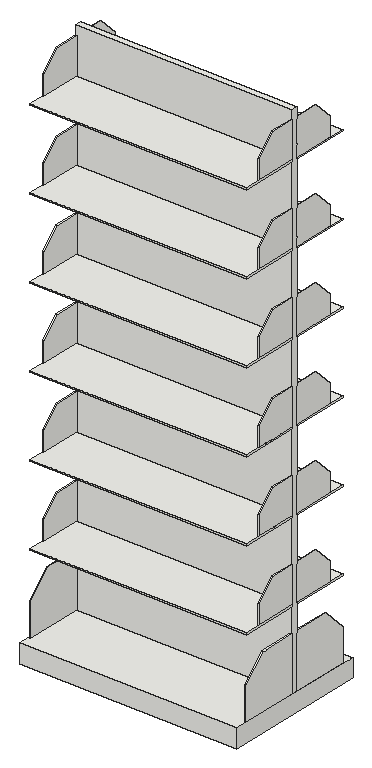
Revit family "545e3b6a9e5546dbacbb40157b7ed104", category Specialty Equipment, Revit 2021
Family settings
  Round Connector Dimension = Use Diameter
  Part Type = Normal
  OmniClass Number = 23.40.50.27.11
  OmniClass Title = Library Stack Systems
  Seek Item ID = Stack Shelving-0000-USA-ENU
  Work Plane-Based = No
  Always vertical = Yes
  Cut with Voids When Loaded = No
  Shared = No
  Room Calculation Point = No
Parameters (values of type "36" x 90"")
  Default Elevation = 0' - 0"
  Assembly Code = "E1020200"
  Height = 7' - 6"
  Shelving Material = Steel, Paint Finish, Ivory, Glossy
  Width = 3' - 0"
Reference planes (in)
  plane 1 "Center (Front/Back)": y = 0
  plane 2: z = 0
  plane 3 "Center (Left/Right)": x = 0
  plane 4: y = 12
  plane 5: y = -12
  plane 6: x = -18
  plane 7: x = 18
  plane 8: y = 0.5
  plane 9: y = -0.5
  plane 10: z = 16.25
  plane 11: z = 29.5
  plane 12: z = 42.75
  plane 13: z = 56
  plane 14: z = 69.25
  plane 15: z = 82.5
  plane 16: z = 90
Forms (in)
  Extrusion 1, solid, material "Steel, Paint Finish, Ivory, Glossy" <- "Shelving Material"
    sketch origin (0, 0, 0) x (1, 0, 0) y (0, 1, 0)
      loop
        line (-18, 12) -> (-18, -12) -> (18, -12) -> (18, 12) -> (-18, 12)
    from 0 to 3
  Extrusion 2, solid, material "Steel, Paint Finish, Ivory, Glossy" <- "Shelving Material"
    sketch origin (0, 0, 3) x (1, 0, 0) y (0, 1, 0)
      loop
        line (-18, 0.5) -> (-18, -0.5) -> (18, -0.5) -> (18, 0.5) -> (-18, 0.5)
    from 0 to 87
  Extrusion 3, solid, material "Steel, Paint Finish, Ivory, Glossy" <- "Shelving Material"
    sketch origin (-18, -0.5, 90) x (0, 0, -1) y (1, 0, 0)
      loop
        line (73.75, 0) -> (74, 0) -> (74, 36) -> (73.75, 36) -> (73.75, 0)
      loop
        line (60.5, 0) -> (60.75, 0) -> (60.75, 36) -> (60.5, 36) -> (60.5, 0)
      loop
        line (47.25, 0) -> (47.5, 0) -> (47.5, 36) -> (47.25, 36) -> (47.25, 0)
      loop
        line (34, 0) -> (34.25, 0) -> (34.25, 36) -> (34, 36) -> (34, 0)
      loop
        line (20.75, 0) -> (21, 0) -> (21, 36) -> (20.75, 36) -> (20.75, 0)
      loop
        line (7.5, 0) -> (7.75, 0) -> (7.75, 36) -> (7.5, 36) -> (7.5, 0)
    from 0 to 9.5
  Extrusion 4, solid, material "Steel, Paint Finish, Ivory, Glossy" <- "Shelving Material"
    sketch origin (18, 0.5, 90) x (0, 0, -1) y (-1, 0, 0)
      loop
        line (73.75, 0) -> (74, 0) -> (74, 36) -> (73.75, 36) -> (73.75, 0)
      loop
        line (60.5, 0) -> (60.75, 0) -> (60.75, 36) -> (60.5, 36) -> (60.5, 0)
      loop
        line (47.25, 0) -> (47.5, 0) -> (47.5, 36) -> (47.25, 36) -> (47.25, 0)
      loop
        line (34, 0) -> (34.25, 0) -> (34.25, 36) -> (34, 36) -> (34, 0)
      loop
        line (20.75, 0) -> (21, 0) -> (21, 36) -> (20.75, 36) -> (20.75, 0)
      loop
        line (7.5, 0) -> (7.75, 0) -> (7.75, 36) -> (7.5, 36) -> (7.5, 0)
    from 0 to 9.5
  Extrusion 5, solid, material "Steel, Paint Finish, Ivory, Glossy" <- "Shelving Material"
    sketch origin (18, -12, 3) x (0, 0, -1) y (0, 1, 0)
      loop
        line (0, 11.5) -> (-9, 11.5) -> (-9, 5.5) -> (-5.46447, 1.96447) -> (0, 1.96447) -> (0, 11.5)
      loop
        line (0, 12.5) -> (0, 22.03553) -> (-5.46447, 22.03553) -> (-9, 18.5) -> (-9, 12.5) -> (0, 12.5)
      loop
        line (-13.25, 11.5) -> (-19.25, 11.5) -> (-19.25, 7.5) -> (-16.42157, 4.67157) -> (-13.25, 4.67157) -> (-13.25, 11.5)
      loop
        line (-26.5, 11.5) -> (-32.5, 11.5) -> (-32.5, 7.5) -> (-29.67157, 4.67157) -> (-26.5, 4.67157) -> (-26.5, 11.5)
      loop
        line (-39.75, 11.5) -> (-45.75, 11.5) -> (-45.75, 7.5) -> (-42.92157, 4.67157) -> (-39.75, 4.67157) -> (-39.75, 11.5)
      loop
        line (-53, 11.5) -> (-59, 11.5) -> (-59, 7.5) -> (-56.17157, 4.67157) -> (-53, 4.67157) -> (-53, 11.5)
      loop
        line (-66.25, 11.5) -> (-72.25, 11.5) -> (-72.25, 7.5) -> (-69.42157, 4.67157) -> (-66.25, 4.67157) -> (-66.25, 11.5)
      loop
        line (-79.5, 11.5) -> (-85.5, 11.5) -> (-85.5, 7.5) -> (-82.67157, 4.67157) -> (-79.5, 4.67157) -> (-79.5, 11.5)
      loop
        line (-13.25, 12.5) -> (-13.25, 19.32843) -> (-16.42157, 19.32843) -> (-19.25, 16.5) -> (-19.25, 12.5) -> (-13.25, 12.5)
      loop
        line (-26.5, 12.5) -> (-26.5, 19.32843) -> (-29.67157, 19.32843) -> (-32.5, 16.5) -> (-32.5, 12.5) -> (-26.5, 12.5)
      loop
        line (-39.75, 12.5) -> (-39.75, 19.32843) -> (-42.92157, 19.32843) -> (-45.75, 16.5) -> (-45.75, 12.5) -> (-39.75, 12.5)
      loop
        line (-53, 12.5) -> (-53, 19.32843) -> (-56.17157, 19.32843) -> (-59, 16.5) -> (-59, 12.5) -> (-53, 12.5)
      loop
        line (-66.25, 12.5) -> (-66.25, 19.32843) -> (-69.42157, 19.32843) -> (-72.25, 16.5) -> (-72.25, 12.5) -> (-66.25, 12.5)
      loop
        line (-79.5, 12.5) -> (-79.5, 19.32843) -> (-82.67157, 19.32843) -> (-85.5, 16.5) -> (-85.5, 12.5) -> (-79.5, 12.5)
    from 0 to -0.25
  Extrusion 6, solid, material "Steel, Paint Finish, Ivory, Glossy" <- "Shelving Material"
    sketch origin (-18, 0.5, 90) x (0, 0, -1) y (0, -1, 0)
      loop
        line (7.5, 0) -> (1.5, 0) -> (1.5, -4) -> (4.32843, -6.82843) -> (7.5, -6.82843) -> (7.5, 0)
      loop
        line (78, 0) -> (78, -6) -> (81.53553, -9.53553) -> (87, -9.53553) -> (87, 0) -> (78, 0)
      loop
        line (20.75, 0) -> (14.75, 0) -> (14.75, -4) -> (17.57843, -6.82843) -> (20.75, -6.82843) -> (20.75, 0)
      loop
        line (34, -0.00743) -> (28, -0.00743) -> (28, -4.00743) -> (30.82843, -6.83585) -> (34, -6.83585) -> (34, -0.00743)
      loop
        line (47.25, -0.00743) -> (41.25, -0.00743) -> (41.25, -4.00743) -> (44.07843, -6.83585) -> (47.25, -6.83585) -> (47.25, -0.00743)
      loop
        line (60.5, 0) -> (54.5, 0) -> (54.5, -4) -> (57.32843, -6.82843) -> (60.5, -6.82843) -> (60.5, 0)
      loop
        line (73.75, 0) -> (67.75, 0) -> (67.75, -4) -> (70.57843, -6.82843) -> (73.75, -6.82843) -> (73.75, 0)
      loop
        line (7.5, 1) -> (7.5, 7.82843) -> (4.32843, 7.82843) -> (1.5, 5) -> (1.5, 1) -> (7.5, 1)
      loop
        line (78, 1) -> (87, 1) -> (87, 10.53553) -> (81.53553, 10.53553) -> (78, 7) -> (78, 1)
      loop
        line (20.75, 1) -> (20.75, 7.82843) -> (17.57843, 7.82843) -> (14.75, 5) -> (14.75, 1) -> (20.75, 1)
      loop
        line (34, 1.00743) -> (34, 7.83585) -> (30.82843, 7.83585) -> (28, 5.00743) -> (28, 1.00743) -> (34, 1.00743)
      loop
        line (47.25, 1.00743) -> (47.25, 7.83585) -> (44.07843, 7.83585) -> (41.25, 5.00743) -> (41.25, 1.00743) -> (47.25, 1.00743)
      loop
        line (60.5, 1) -> (60.5, 7.82843) -> (57.32843, 7.82843) -> (54.5, 5) -> (54.5, 1) -> (60.5, 1)
      loop
        line (73.75, 1) -> (73.75, 7.82843) -> (70.57843, 7.82843) -> (67.75, 5) -> (67.75, 1) -> (73.75, 1)
    from 0 to -0.25
Lines and regions (in)
  Masking region 1
    outline origin (0, 0, 0) x (1, 0, 0) y (0, 1, 0)
      loop
        line (-18, 12) -> (-18, -12) -> (18, -12) -> (18, 12) -> (-18, 12)
  symbolic lines
    curve 1: line (-18, -0.5, 0) -> (18, -0.5, 0)
    curve 2: line (-18, 0.5, 0) -> (18, 0.5, 0)
Dimensions and locks (in)
  equal spacing: plane 15, plane 14, plane 13, plane 12, plane 11, plane 10, Extrusion 1
  locked: Extrusion 1 to plane 2 at 3
  "Width": plane 6 to plane 7
  "Height": plane 16 to plane 2
  equal spacing: plane 6, plane 3 "Center (Left/Right)", plane 7
  aligned and locked: plane 6 to Extrusion 1 sketch curve
  aligned and locked: plane 4 to Extrusion 1 sketch curve
  aligned and locked: plane 5 to Extrusion 1 sketch curve
  aligned and locked: plane 7 to Extrusion 1 sketch curve
  aligned and locked: Extrusion 1 to Extrusion 2 sketch curve
  aligned and locked: plane 8 to Extrusion 2 sketch curve
  aligned and locked: plane 9 to Extrusion 2 sketch curve
  aligned and locked: Extrusion 2 sketch curve to Extrusion 1
  aligned and locked: Extrusion 2 to Extrusion 3 sketch curve  (x5)
  aligned and locked: Extrusion 3 sketch curve to Extrusion 2  (x3)
  aligned and locked: plane 14 to Extrusion 3 sketch curve
  aligned and locked: plane 15 to Extrusion 3 sketch curve
  aligned and locked: Extrusion 2 to Extrusion 4 sketch curve  (x4)
  aligned and locked: plane 10 to Extrusion 4 sketch curve
  aligned and locked: Extrusion 4 sketch curve to Extrusion 2  (x6)
  aligned and locked: plane 11 to Extrusion 4 sketch curve
  aligned and locked: plane 12 to Extrusion 4 sketch curve
  aligned and locked: plane 13 to Extrusion 4 sketch curve
  aligned and locked: Extrusion 4 sketch curve to Extrusion 3  (x4)
  aligned and locked: Extrusion 5 sketch curve to Extrusion 3
  aligned and locked: Extrusion 6 sketch curve to Extrusion 4  (x3)
  aligned and locked: Extrusion 6 sketch curve to Extrusion 2
  aligned and locked: Extrusion 2 to plane 16
  aligned and locked: plane 4 to Masking region 1 sketch curve
  aligned and locked: Masking region 1 sketch curve to plane 5
  aligned and locked: Masking region 1 sketch curve to plane 6
  aligned and locked: plane 7 to Masking region 1 sketch curve
  aligned and locked: plane 6 to curve 2
  aligned and locked: plane 6 to curve 1
  aligned and locked: plane 7 to curve 2
  aligned and locked: plane 7 to curve 1
  aligned and locked: plane 9 to curve 1
  aligned and locked: plane 8 to curve 2
Automatic sketch dimensions
  Extrusion 3 sketch curve to plane 13 = 0' - 0"
  Extrusion 3 sketch curve to plane 6 = 0' - 0"
  Extrusion 3 sketch curve to plane 12 = 0' - 0"
  Extrusion 3 sketch curve to plane 7 = 0' - 0"  (x3)
  Extrusion 3 sketch curve to plane 11 = 0' - 0"
  Extrusion 3 sketch curve to plane 10 = 0' - 0"
  Extrusion 3 sketch curve to Extrusion 3 sketch curve = 0' - 0 1/4"  (x3)
  plane 14 to Extrusion 3 sketch curve = 0' - 0 1/4"
  plane 13 to Extrusion 3 sketch curve = 0' - 0 1/4"
  plane 12 to Extrusion 3 sketch curve = 0' - 0 1/4"
  plane 15 to Extrusion 4 sketch curve = 0' - 0 1/4"
  plane 14 to Extrusion 4 sketch curve = 0' - 0 1/4"
  Extrusion 4 sketch curve to Extrusion 4 sketch curve = 0' - 0 1/4"  (x3)
  plane 11 to Extrusion 4 sketch curve = 0' - 0 1/4"
  Extrusion 5 sketch curve to plane 9 = 0' - 0"  (x7)
  Extrusion 5 sketch curve to plane 15 = 0' - 0"  (x4)
  Extrusion 5 sketch curve to plane 14 = 0' - 0"  (x4)
  Extrusion 5 sketch curve to plane 12 = 0' - 0"  (x4)
  Extrusion 5 sketch curve to plane 11 = 0' - 0"  (x4)
  Extrusion 5 sketch curve to plane 10 = 0' - 0"  (x4)
  Extrusion 5 sketch curve to plane 8 = 0' - 0"
  Extrusion 5 sketch curve to Extrusion 5 sketch curve = 0' - 3.17157"  (x5)
  plane 9 to Extrusion 5 sketch curve = 0' - 4"  (x2)
  Extrusion 5 sketch curve to Extrusion 5 sketch curve = 0' - 2.82843"  (x4)
  Extrusion 5 sketch curve to Extrusion 5 sketch curve = 0' - 6"  (x5)
  Extrusion 5 sketch curve to plane 11 = 0' - 6"
  Extrusion 5 sketch curve to plane 11 = 0' - 3.17157"
  Extrusion 5 sketch curve to Extrusion 5 sketch curve = 0' - 4 1/4"
  Extrusion 5 sketch curve to Extrusion 5 sketch curve = 0' - 0"  (x32)
  Extrusion 5 sketch curve to Extrusion 5 sketch curve = 0' - 3.53553"  (x2)
  Extrusion 5 sketch curve to plane 5 = 0' - 1.96447"
  level to Extrusion 5 sketch curve = 0' - 3"
  Extrusion 5 sketch curve to Extrusion 5 sketch curve = 0' - 6.82843"  (x2)
  plane 1 "Center (Front/Back)" to Extrusion 5 sketch curve = 0' - 7.32843"  (x2)
  Extrusion 5 sketch curve to Extrusion 5 sketch curve = 0' - 0.82843"
  Extrusion 5 sketch curve to Extrusion 5 sketch curve = 0' - 4"  (x3)
  plane 4 to Extrusion 5 sketch curve = 0' - 1.96447"
  Extrusion 5 sketch curve to plane 9 = 0' - 1"  (x18)
  Extrusion 5 sketch curve to plane 13 = 0' - 0"  (x3)
  Extrusion 5 sketch curve to Extrusion 5 sketch curve = 1' - 2.65685"  (x18)
  Extrusion 5 sketch curve to Extrusion 5 sketch curve = 0' - 9"  (x12)
  Extrusion 6 sketch curve to plane 8 = 0' - 0"  (x4)
  Extrusion 6 sketch curve to plane 15 = 0' - 0"  (x4)
  Extrusion 6 sketch curve to plane 12 = 0' - 0"  (x4)
  Extrusion 6 sketch curve to plane 10 = 0' - 0"  (x4)
  Extrusion 6 sketch curve to Extrusion 6 sketch curve = 0' - 3.17157"  (x2)
  Extrusion 6 sketch curve to plane 8 = 0' - 4"  (x3)
  Extrusion 6 sketch curve to Extrusion 6 sketch curve = 0' - 2.82843"  (x5)
  Extrusion 6 sketch curve to plane 14 = 0' - 6"
  Extrusion 6 sketch curve to plane 8 = 0' - 0.00743"  (x2)
  Extrusion 6 sketch curve to plane 13 = 0' - 6"
  Extrusion 6 sketch curve to plane 13 = 0' - 3.17157"
  Extrusion 6 sketch curve to plane 8 = 0' - 4.00743"
  Extrusion 6 sketch curve to plane 12 = 0' - 6"
  Extrusion 6 sketch curve to plane 12 = 0' - 3.17157"
  Extrusion 6 sketch curve to plane 11 = 0' - 6"
  Extrusion 6 sketch curve to plane 11 = 0' - 3.17157"
  Extrusion 6 sketch curve to Extrusion 6 sketch curve = 0' - 6"
  Extrusion 6 sketch curve to plane 10 = 0' - 3.17157"
  plane 10 to Extrusion 6 sketch curve = 0' - 4 1/4"
  plane 4 to Extrusion 6 sketch curve = 0' - 1.96447"
  Extrusion 6 sketch curve to Extrusion 6 sketch curve = 0' - 3.53553"
  level to Extrusion 6 sketch curve = 0' - 3"
  Extrusion 6 sketch curve to plane 1 "Center (Front/Back)" = 0' - 7.33585"
  Extrusion 6 sketch curve to Extrusion 6 sketch curve = 0' - 6.82843"
  Extrusion 6 sketch curve to Extrusion 6 sketch curve = 0' - 0.82843"
  Extrusion 6 sketch curve to Extrusion 6 sketch curve = 0' - 4"  (x2)
  plane 8 to Extrusion 6 sketch curve = 0' - 1"  (x15)
  Extrusion 6 sketch curve to plane 14 = 0' - 0"  (x3)
  Extrusion 6 sketch curve to plane 13 = 0' - 0"  (x3)
  Extrusion 6 sketch curve to plane 11 = 0' - 0"  (x3)
  Extrusion 6 sketch curve to Extrusion 6 sketch curve = 0' - 0"  (x38)
  plane 4 to Extrusion 6 sketch curve = 1' - 10.03553"
  Extrusion 6 sketch curve to Extrusion 6 sketch curve = 1' - 8.07107"  (x2)
  Extrusion 6 sketch curve to Extrusion 6 sketch curve = 1' - 2.67171"  (x6)
  Extrusion 6 sketch curve to Extrusion 6 sketch curve = 1' - 2.65685"  (x12)
  Extrusion 6 sketch curve to Extrusion 6 sketch curve = 1' - 1"  (x2)
  Extrusion 6 sketch curve to Extrusion 6 sketch curve = 0' - 9.01485"  (x4)
  Extrusion 6 sketch curve to Extrusion 6 sketch curve = 0' - 9"  (x8)
  Extrusion 6 sketch curve to Extrusion 6 sketch curve = 0' - 1.01485"  (x6)
